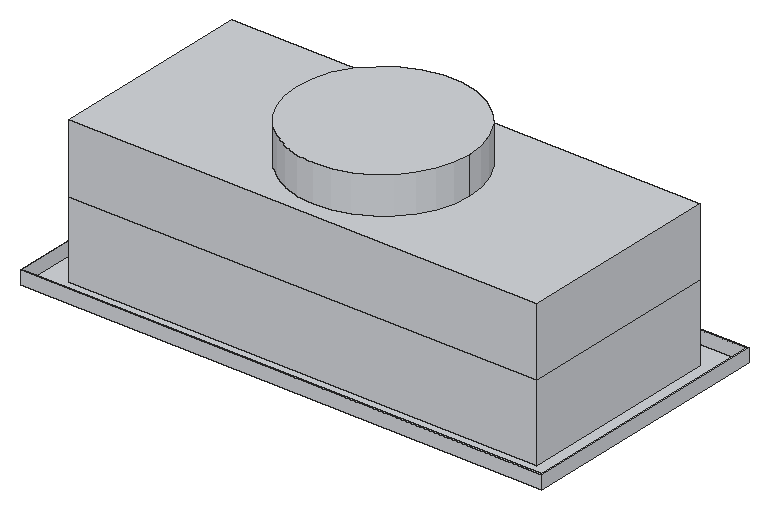
Revit family "MV-2T - Top Inlet", category Mechanical Equipment, Revit 2018
Family settings
  Round Connector Dimension = Use Radius
  Part Type = Normal
  OmniClass Number = 23.75.00.00
  OmniClass Title = Climate Control (HVAC)
  Work Plane-Based = No
  Always vertical = Yes
  Cut with Voids When Loaded = No
  Shared = No
  Room Calculation Point = No
Parameters (values of type "MV-2T - 12x24, 8" Round Top Inlet")
  URL = "http://www.anemostat-hvac.com"
  Plenum Length = 21 5/16"
  Module Length = 24"
  Module Width = 12"
  Model = "MV-2T (Top Inlet)"
  Manufacturer = "Anemostat"
  Inlet Size = Duct Size  # 7 7/8"
  Inlet Radius = Inlet Size / 2  # 3 15/16"
  Duct Size = 7 7/8"
  Duct Radius = Duct Size / 2  # 3 15/16"
  Diff Length = Module Length - 1/4"  # 23 3/4"
  Diff Width = Module Width - 1/4"  # 11 3/4"
  CenterV = Diff Length / 2  # 11 7/8"
  CenterH = Diff Width / 2  # 5 7/8"
Types (15): name | Plenum Length | Module Length | Module Width | Inlet Size | Inlet Radius | Duct Size | Duct Radius | Diff Length | Diff Width | CenterV | CenterH
  (no name) | 21 5/16" | 24" | 12" | 7 7/8" | 3 15/16" | 7 7/8" | 3 15/16" | 23 3/4" | 11 3/4" | 11 7/8" | 5 7/8"
  MV-2T - 24x48, 16" Round Top Inlet | 43 5/16" | 48" | 24" | 15 7/8" | 7 15/16" | 15 7/8" | 7 15/16" | 47 3/4" | 23 3/4" | 23 7/8" | 11 7/8"
  MV-2T - 24x24, 16" Round Top Inlet | 21 5/16" | 24" | 24" | 15 7/8" | 7 15/16" | 15 7/8" | 7 15/16" | 23 3/4" | 23 3/4" | 11 7/8" | 11 7/8"
  MV-2T - 24x36, 16" Round Top Inlet | 31 5/16" | 36" | 24" | 15 7/8" | 7 15/16" | 15 7/8" | 7 15/16" | 35 3/4" | 23 3/4" | 17 7/8" | 11 7/8"
  MV-2T - 24x60, 16" Round Top Inlet | 55 5/16" | 60" | 24" | 15 7/8" | 7 15/16" | 15 7/8" | 7 15/16" | 59 3/4" | 23 3/4" | 29 7/8" | 11 7/8"
  MV-2T - 24x72, 16" Round Top Inlet | 67 5/16" | 72" | 24" | 15 7/8" | 7 15/16" | 15 7/8" | 7 15/16" | 71 3/4" | 23 3/4" | 35 7/8" | 11 7/8"
  MV-2T - 36x72, 16" Round Top Inlet | 67 5/16" | 72" | 36" | 15 7/8" | 7 15/16" | 15 7/8" | 7 15/16" | 71 3/4" | 35 3/4" | 35 7/8" | 17 7/8"
  MV-2T - 36x60, 16" Round Top Inlet | 55 5/16" | 60" | 36" | 15 7/8" | 7 15/16" | 15 7/8" | 7 15/16" | 59 3/4" | 35 3/4" | 29 7/8" | 17 7/8"
  MV-2T -36x48, 16" Round Top Inlet | 43 5/16" | 48" | 36" | 15 7/8" | 7 15/16" | 15 7/8" | 7 15/16" | 47 3/4" | 35 3/4" | 23 7/8" | 17 7/8"
  MV-2T -36x36, 16" Round Top Inlet | 31 5/16" | 36" | 36" | 15 7/8" | 7 15/16" | 15 7/8" | 7 15/16" | 35 3/4" | 35 3/4" | 17 7/8" | 17 7/8"
  MV-2T - 12x48, 8" Round Top Inlet | 43 5/16" | 48" | 12" | 7 7/8" | 3 15/16" | 7 7/8" | 3 15/16" | 47 3/4" | 11 3/4" | 23 7/8" | 5 7/8"
  MV-2T - 12x60, 8" Round Top Inlet | 55 5/16" | 60" | 12" | 7 7/8" | 3 15/16" | 7 7/8" | 3 15/16" | 59 3/4" | 11 3/4" | 29 7/8" | 5 7/8"
  MV-2T - 12x72, 8" Round Top Inlet | 67 5/16" | 72" | 12" | 7 7/8" | 3 15/16" | 7 7/8" | 3 15/16" | 71 3/4" | 11 3/4" | 35 7/8" | 5 7/8"
  MV-2T - 12x36, 8" Round Top Inlet | 31 5/16" | 36" | 12" | 7 7/8" | 3 15/16" | 7 7/8" | 3 15/16" | 35 3/4" | 11 3/4" | 17 7/8" | 5 7/8"
  MV-2T - 12x24, 8" Round Top Inlet | 21 5/16" | 24" | 12" | 7 7/8" | 3 15/16" | 7 7/8" | 3 15/16" | 23 3/4" | 11 3/4" | 11 7/8" | 5 7/8"
Reference planes (in)
  plane 1 "Center (Front/Back)": y = 0
  plane 2: z = 0
  plane 3 "Center (Left/Right)": x = 0
  plane 4: x = -11.875
  plane 5: x = 11.875
  plane 6 "Plenum Length Left": x = -10.65625
  plane 7 "Plenum Lenght Right": x = 10.65625
  plane 8: y = -5.875
  plane 9: y = 5.875
  plane 10: y = -4.65625
  plane 11: y = 4.65625
  plane 12: x = -10.65625
  plane 13: x = 10.65625
  plane 14 "Diff Top": z = 3.5
  plane 15: z = 7.125
  plane 16: z = 0.625
  plane 17: z = 2.6875
  plane 18: z = 6.625
Forms (in)
  Sweep 1, solid
    path origin (0, 0, 0) x (1, 0, 0) y (0, 1, 0)
      loop
        line (-10.65625, 4.65625) -> (-10.65625, -4.65625) -> (10.65625, -4.65625) -> (10.65625, 4.65625) -> (-10.65625, 4.65625)
    profile origin (0, 4.65625, 0) x (0, 1, 0) y (0, 0, 1)
      loop
        line (1.21875, 0.625) -> (1.18575, 0.625) -> (1.18575, 0.033) -> (0, 0.033) -> (0, 0) -> (1.21875, 0) -> (1.21875, 0.625)
  Extrusion 2, solid
    sketch origin (0, 0, 0) x (1, 0, 0) y (0, 1, 0)
      loop
        line (-10.65625, 4.65625) -> (-10.65625, -4.65625) -> (10.65625, -4.65625) -> (10.65625, 4.65625) -> (-10.65625, 4.65625)
    from 0 to 3.5
  Extrusion 3, solid
    sketch origin (0, 0, 3.5) x (-1, 0, 0) y (0, -1, 0)
      loop
        line (10.65625, -4.65625) -> (10.65625, 4.65625) -> (-10.65625, 4.65625) -> (-10.65625, -4.65625) -> (10.65625, -4.65625)
    from 0 to 3.125
  Extrusion 4, solid
    sketch origin (0, 0, 6.625) x (-1, 0, 0) y (0, -1, 0)
      loop
        circle (0.033, 0.033) r 3.9375
    from 0 to 1.6875
Dimensions and locks (in)
  "Diff Length": plane 5 to plane 4
  equal spacing: plane 5, plane 3 "Center (Left/Right)", plane 4
  "Diff Width": plane 8 to plane 9
  equal spacing: plane 8, plane 1 "Center (Front/Back)", plane 9
  locked: plane 8 to plane 10 at 1.21875
  locked: plane 11 to plane 9 at 1.21875
  locked: plane 12 to plane 4 at 1.21875
  locked: plane 5 to plane 13 at 1.21875
  "Plenum Length": plane 6 "Plenum Length Left" to plane 7 "Plenum Lenght Right"
  equal spacing: plane 6 "Plenum Length Left", plane 3 "Center (Left/Right)", plane 7 "Plenum Lenght Right"
  locked: plane 15 to plane 18 at 0.5
  "Inlet Radius": plane 18 to plane 17
  "CenterH": Extrusion 4 sketch curve to Sweep 1
  "CenterV": Extrusion 4 sketch curve to Sweep 1
  locked: plane 18 to level at 6.625
  "Duct Size": diameter of Extrusion 4 sketch curve
Automatic sketch dimensions
  Sweep 1 sketch curve to plane 10 = 0"
  Sweep 1 sketch curve to plane 12 = 0"
  Sweep 1 sketch curve to plane 13 = 0"
  Sweep 1 sketch curve to plane 11 = 0"
  Sweep 1 sketch curve to level = 0"
  Sweep 1 sketch curve to profile plane = 0"
  Sweep 1 sketch curve to profile plane = 1.18575"
  Sweep 1 sketch curve to Sweep 1 sketch curve = 0.033"
  level to Sweep 1 sketch curve = 0.033"
  Sweep 1 sketch curve to Sweep 1 sketch curve = 0.592"
  Extrusion 2 sketch curve to plane 10 = 0"
  Extrusion 2 sketch curve to plane 12 = 0"
  Extrusion 2 sketch curve to plane 13 = 0"
  Extrusion 2 sketch curve to plane 11 = 0"
  Extrusion 3 sketch curve to plane 7 "Plenum Lenght Right" = 0"
  Extrusion 3 sketch curve to plane 6 "Plenum Length Left" = 0"
  Extrusion 3 sketch curve to plane 11 = 0"
  Extrusion 3 sketch curve to plane 10 = 0"
Connectors (in)
  hvac at (-0.033, -0.033, 8.3125), driven by "Inlet Radius"
    settings: on Extrusion 4, index 1, duct flow 0 CFM, flow factor 0, pres drop 0.00 in-wg, loss coef 0, conn angle 0.00°, conn width 12", conn height 12", conn diameter 7 7/8", duct sys type 1, conn prof type 0, flow config 0, flow direction 0, loss method 0, conn ref index -1, conn util no, is conn primary yes, conn desc ""
